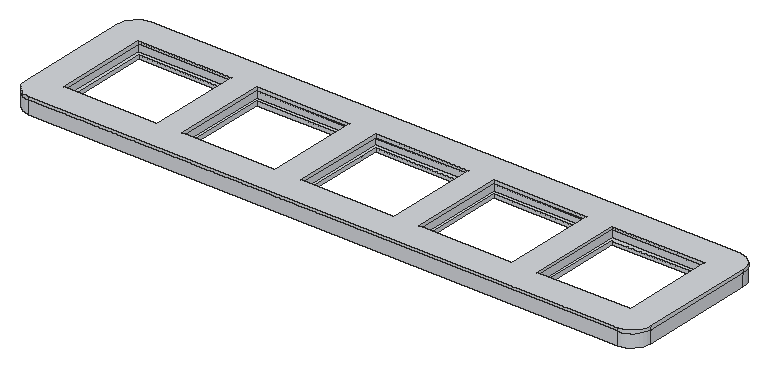
Revit family "Gira_0215417", category Electrical Fixtures, host Face, Revit 2017
Family settings
  Host = Face
  Maintain Annotation Orientation = No
  Round Connector Dimension = Use Diameter
  Part Type = Normal
  Cut with Voids When Loaded = No
  Shared = No
  Room Calculation Point = No
Parameters (values of type "Abdeckrahmen 5f Gira E3 Sand/Reinweiß")
  Werkstoffgüte = "sonstige"
  Werkstoff = "sonstige"
  URL = "http://katalog.gira.de/de_DE/datenblatt.html?artikelnr=0215417"
  Transparent = "No"
  Textfeld/Beschriftungsfläche = "No"
  Schutzart (IP) = "IP20"
  Region = "DE"
  Oberfläche = "sonstige"
  Name = "Abdeckrahmen 5f Gira E3 Sand/Reinweiß"
  Montagerichtung = "horizontal und vertikal"
  Mit Montagerahmen = "No"
  Mit Klappdeckel = "No"
  Manufacturer URL = "https://www.gira.de/"
  Keynote = "E3_Rahmen_5fach"
  HeinzeBIM = "https://bimportal.heinze.de/bim/abdeckrahmen-5f-gira-e3-sand-reinweiss/96749b58af858b10e04ed3b5094f8f10189157b7"
  Halogenfrei = "No"
  HAN = "0215417"
  Geeignet für Unterputz-Installation = "Yes"
  Geeignet für Unterflurkanaldose = "No"
  Geeignet für Geräteeinbaukanal = "No"
  Geeignet für Einbauinstallation = "No"
  GTIN = "4010337024552"
  Farbe = "sonstige"
  Default Elevation = 1219.2 mm
  Data sheet (1) = "https://katalog.gira.de/de_DE/download.html?artikelnr=0215417"
  Category = "Abdeckrahmen"
  Befestigungsart = "Klemmbefestigung"
  Available = "Yes"
  Anzahl der Einheiten vertikal = "5 "
  Anzahl der Einheiten horizontal = "5 "
  Anzahl der Einheiten = "5 "
Reference planes
  plane 1 "Center (Front/Back)": y = 0
  plane 2: z = 0
  plane 3 "Center (Left/Right)": x = 0
Forms (mm)
  Extrusion 1, solid, detail levels fine
    sketch origin (0, 0, 0) x (1, 0, 0) y (0, 1, 0)
      loop
        arc (-177.4, 45.809) -> (-185.185, 42.585) -> (-188.409, 34.8) r 11.009
        line (-188.409, 34.8) -> (-188.409, -34.8)
        arc (-188.409, -34.8) -> (-185.185, -42.585) -> (-177.4, -45.809) r 11.009
        line (-177.4, -45.809) -> (177.4, -45.809)
        arc (177.4, -45.809) -> (185.185, -42.585) -> (188.409, -34.8) r 11.009
        line (188.409, -34.8) -> (188.409, 34.8)
        arc (188.409, 34.8) -> (185.185, 42.585) -> (177.4, 45.809) r 11.009
        line (177.4, 45.809) -> (-177.4, 45.809)
      loop
        line (-114.5, 28.187) -> (-170.756, 28.187) -> (-170.756, -28.187) -> (-114.5, -28.187) -> (-114.5, 28.187)
      loop
        line (-99.6, 28.187) -> (-99.6, -28.187) -> (-43.344, -28.187) -> (-43.344, 28.187) -> (-99.6, 28.187)
      loop
        line (114.5, 28.187) -> (114.5, -28.187) -> (170.756, -28.187) -> (170.756, 28.187) -> (114.5, 28.187)
      loop
        line (28.301, 28.187) -> (-27.955, 28.187) -> (-27.955, -28.187) -> (28.301, -28.187) -> (28.301, 28.187)
      loop
        line (43.143, 28.187) -> (43.143, -28.187) -> (99.399, -28.187) -> (99.399, 28.187) -> (43.143, 28.187)
    from 7.65 to 9.5
  Extrusion 2, solid, detail levels fine
    sketch origin (-142.8, 0, 0) x (1, 0, 0) y (0, 1, 0)
      loop
        line (26.1, 25.7) -> (-25.7, 25.7) -> (-25.7, -25.7) -> (26.1, -25.7) -> (26.1, 25.7)
      loop
        line (-28.187, -28.156) -> (28.187, -28.156) -> (28.187, 28.156) -> (-28.187, 28.156) -> (-28.187, -28.156)
    from 1.65 to 3.9
  Extrusion 3, solid, detail levels fine
    sketch origin (0, 0, 0) x (1, 0, 0) y (0, 1, 0)
      loop
        arc (-177.4, 45.809) -> (-185.185, 42.585) -> (-188.409, 34.8) r 11.009
        line (-188.409, 34.8) -> (-188.409, -34.8)
        arc (-188.409, -34.8) -> (-185.185, -42.585) -> (-177.4, -45.809) r 11.009
        line (-177.4, -45.809) -> (177.4, -45.809)
        arc (177.4, -45.809) -> (185.185, -42.585) -> (188.409, -34.8) r 11.009
        line (188.409, -34.8) -> (188.409, 34.8)
        arc (188.409, 34.8) -> (185.185, 42.585) -> (177.4, 45.809) r 11.009
        line (177.4, 45.809) -> (-177.4, 45.809)
      loop
        line (-186.443, 34.785) -> (-186.443, -34.785)
        arc (-186.443, -34.785) -> (-183.79, -41.19) -> (-177.385, -43.843) r 9.058
        line (-177.385, -43.843) -> (177.385, -43.843)
        arc (177.385, -43.843) -> (183.79, -41.19) -> (186.443, -34.785) r 9.058
        line (186.443, -34.785) -> (186.443, 34.785)
        arc (186.443, 34.785) -> (183.79, 41.19) -> (177.385, 43.843) r 9.058
        line (177.385, 43.843) -> (-177.385, 43.843)
        arc (-177.385, 43.843) -> (-183.79, 41.19) -> (-186.443, 34.785) r 9.058
    from 0 to 7.65
  Extrusion 4, solid, detail levels fine
    sketch origin (-35.75, 0, 0) x (1, 0, 0) y (0, 1, 0)
      loop
        line (-134.256, -31.075) -> (205.755, -31.075)
        arc (205.755, -31.075) -> (208.399, -29.98) -> (209.494, -27.337) r 3.739
        line (209.494, -27.337) -> (209.494, 27.337)
        arc (209.494, 27.337) -> (208.399, 29.98) -> (205.755, 31.075) r 3.739
        line (205.755, 31.075) -> (-134.256, 31.075)
        arc (-134.256, 31.075) -> (-136.899, 29.98) -> (-137.994, 27.337) r 3.739
        line (-137.994, 27.337) -> (-137.994, -27.337)
        arc (-137.994, -27.337) -> (-136.899, -29.98) -> (-134.256, -31.075) r 3.739
      loop
        line (-136.844, 27.537) -> (-136.844, -27.537)
        arc (-136.844, -27.537) -> (-136.145, -29.226) -> (-134.456, -29.925) r 2.389
        line (-134.456, -29.925) -> (205.955, -29.925)
        arc (205.955, -29.925) -> (207.644, -29.226) -> (208.344, -27.537) r 2.389
        line (208.344, -27.537) -> (208.344, 27.537)
        arc (208.344, 27.537) -> (207.644, 29.226) -> (205.955, 29.925) r 2.389
        line (205.955, 29.925) -> (-134.456, 29.925)
        arc (-134.456, 29.925) -> (-136.145, 29.226) -> (-136.844, 27.537) r 2.389
    from 1.65 to 7.65
  Extrusion 5, solid, detail levels fine
    sketch origin (0, 0, 0) x (1, 0, 0) y (0, 1, 0)
      loop
        line (-174.653, -39.8) -> (174.653, -39.8)
        arc (174.653, -39.8) -> (180.267, -36.708) -> (182.5, -30.7) r 9.2
        line (182.5, -30.7) -> (182.5, 30.7)
        arc (182.5, 30.7) -> (179.805, 37.205) -> (173.3, 39.9) r 9.2
        line (173.3, 39.9) -> (-173.3, 39.9)
        arc (-173.3, 39.9) -> (-179.805, 37.205) -> (-182.5, 30.7) r 9.2
        line (-182.5, 30.7) -> (-182.5, -30.7)
        arc (-182.5, -30.7) -> (-180.267, -36.708) -> (-174.653, -39.8) r 9.2
      loop
        line (-173.3, -31.7) -> (173.3, -31.7)
        arc (173.3, -31.7) -> (174.007, -31.407) -> (174.3, -30.7) r 1
        line (174.3, -30.7) -> (174.3, 30.7)
        arc (174.3, 30.7) -> (174.007, 31.407) -> (173.3, 31.7) r 1
        line (173.3, 31.7) -> (-173.3, 31.7)
        arc (-173.3, 31.7) -> (-174.007, 31.407) -> (-174.3, 30.7) r 1
        line (-174.3, 30.7) -> (-174.3, -30.7)
        arc (-174.3, -30.7) -> (-174.007, -31.407) -> (-173.3, -31.7) r 1
    from 1.65 to 3.9
  Extrusion 6, solid, detail levels fine
    sketch origin (-142.8, 0, 0) x (1, 0, 0) y (0, 1, 0)
      loop
        line (-28.187, 28.156) -> (-28.187, -28.156) -> (28.187, -28.156) -> (28.187, 28.156) -> (-28.187, 28.156)
      loop
        line (-29.925, 29.925) -> (-29.925, -29.925) -> (29.925, -29.925) -> (29.925, 29.925) -> (-29.925, 29.925)
    from 1.65 to 7.65
  Extrusion 7, solid, detail levels coarse+medium
    sketch origin (0, 0, 0) x (1, 0, 0) y (0, 1, 0)
      loop
        line (-188.409, 45.809) -> (-188.409, -45.809) -> (188.409, -45.809) -> (188.409, 45.809) -> (-188.409, 45.809)
    from 0 to 9.5
  Extrusion 8, solid, detail levels fine
    sketch origin (-71.3, 0, 0) x (-1, 0, 0) y (0, -1, 0)
      loop
        line (25.9, -25.7) -> (25.9, 25.7) -> (-25.9, 25.7) -> (-25.9, -25.7) -> (25.9, -25.7)
      loop
        line (-28.187, 28.156) -> (-28.187, -28.156) -> (28.187, -28.156) -> (28.187, 28.156) -> (-28.187, 28.156)
    from 1.65 to 3.9
  Extrusion 9, solid, detail levels fine
    sketch origin (-71.3, 0, 0) x (-1, 0, 0) y (0, -1, 0)
      loop
        line (-28.187, -28.156) -> (28.187, -28.156) -> (28.187, 28.156) -> (-28.187, 28.156) -> (-28.187, -28.156)
      loop
        line (-29.925, -29.925) -> (29.925, -29.925) -> (29.925, 29.925) -> (-29.925, 29.925) -> (-29.925, -29.925)
    from 1.65 to 7.65
  Extrusion 10, solid, detail levels fine
    sketch origin (0.2, 0, 0) x (-1, 0, 0) y (0, -1, 0)
      loop
        line (26.1, -25.7) -> (26.1, 25.7) -> (-25.7, 25.7) -> (-25.7, -25.7) -> (26.1, -25.7)
      loop
        line (-28.187, 28.156) -> (-28.187, -28.156) -> (28.187, -28.156) -> (28.187, 28.156) -> (-28.187, 28.156)
    from 1.65 to 3.9
  Extrusion 11, solid, detail levels fine
    sketch origin (0.2, 0, 0) x (-1, 0, 0) y (0, -1, 0)
      loop
        line (-28.187, -28.156) -> (28.187, -28.156) -> (28.187, 28.156) -> (-28.187, 28.156) -> (-28.187, -28.156)
      loop
        line (-29.925, -29.925) -> (29.925, -29.925) -> (29.925, 29.925) -> (-29.925, 29.925) -> (-29.925, -29.925)
    from 1.65 to 7.65
  Extrusion 12, solid, detail levels fine
    sketch origin (71.5, 0, 0) x (-1, 0, 0) y (0, -1, 0)
      loop
        line (26.1, -25.7) -> (26.1, 25.7) -> (-25.7, 25.7) -> (-25.7, -25.7) -> (26.1, -25.7)
      loop
        line (-28.187, 28.156) -> (-28.187, -28.156) -> (28.187, -28.156) -> (28.187, 28.156) -> (-28.187, 28.156)
    from 1.65 to 3.9
  Extrusion 13, solid, detail levels fine
    sketch origin (71.5, 0, 0) x (-1, 0, 0) y (0, -1, 0)
      loop
        line (-28.187, -28.156) -> (28.187, -28.156) -> (28.187, 28.156) -> (-28.187, 28.156) -> (-28.187, -28.156)
      loop
        line (-29.925, -29.925) -> (29.925, -29.925) -> (29.925, 29.925) -> (-29.925, 29.925) -> (-29.925, -29.925)
    from 1.65 to 7.65
  Extrusion 14, solid, detail levels fine
    sketch origin (142.8, 0, 0) x (-1, 0, 0) y (0, -1, 0)
      loop
        line (26.1, -25.7) -> (26.1, 25.7) -> (-25.7, 25.7) -> (-25.7, -25.7) -> (26.1, -25.7)
      loop
        line (-28.187, 28.156) -> (-28.187, -28.156) -> (28.187, -28.156) -> (28.187, 28.156) -> (-28.187, 28.156)
    from 1.65 to 3.9
  Extrusion 15, solid, detail levels fine
    sketch origin (142.8, 0, 0) x (-1, 0, 0) y (0, -1, 0)
      loop
        line (-28.187, -28.156) -> (28.187, -28.156) -> (28.187, 28.156) -> (-28.187, 28.156) -> (-28.187, -28.156)
      loop
        line (-29.925, -29.925) -> (29.925, -29.925) -> (29.925, 29.925) -> (-29.925, 29.925) -> (-29.925, -29.925)
    from 1.65 to 7.65
Dimensions and locks
  aligned and locked: plane 2 to host face
  aligned and locked: level to host face
